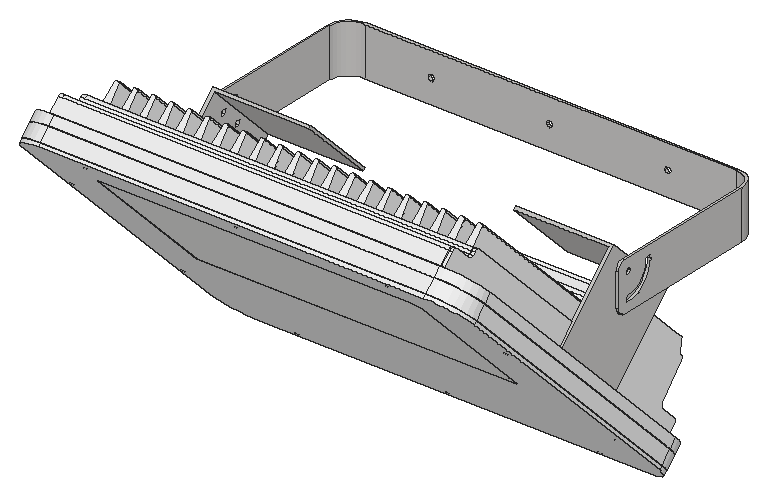
Revit family "FT ATEX LED MAX_2021", category Luminarias, Revit 2021 (continued)
Types (12, lengths in mm): name | Wattage | Power | Position | Archivo de red fotométrica | built-in parameter 1150142 | Modules | Lumens | built-in parameter 1150105 | built-in parameter 1150106 | Equiv MH
    .2782\t7664.4115\r\n7429.3855\t7160.0315\t6825.7248\t6467.2033\t6132.4693\t5825.6536\t5542.6253\t5272.7015\t5007.4782\t4722.3133\r\n4384.0183\t4002.2791\t3588.0636\t3202.9058\t2815.3266\t2410.3697\t2020.0841\t1591.767\t1139.52\t682.1452\r\n322.6266\t164.6606\t124.9199\t106.6876\t97.429\t88.7401\t80.7635\t75.9205\t69.7956\t65.2375\r\n61.6765\t58.1155\t53.9848\t50.1389\t47.1476\t45.7232\t0\t0\t0\t0\r\n0\t0\t0\t0\t0\t0\t0\t0\t0\t0\r\n0\t0\t0\t0\t0\t0\t0\t0\t0\t0\r\n0\t0\t0\t0\t0\t0\t0\t0\t0\t0\r\n0\t0\t0\t0\t0\t0\t0\t0\t0\t0\r\n0\r\n8249.6975\t8280.8918\t8301.1183\t8302.8276\t8271.7757\t8210.2416\t8130.1903\t8020.3691\t7876.932\t7683.0712\r\n7436.0802\t7160.0315\t6827.1492\t6460.3662\t6128.481\t5821.0955\t5536.3579\t5269.8527\t5002.6352\t4714.1942\r\n4380.7422\t3998.5757\t3590.3426\t3195.0716\t2809.7714\t2397.9774\t2008.8313\t1589.6304\t1149.7757\t697.5287\r\n328.894\t172.4948\t128.9082\t109.2515\t99.1382\t89.8796\t82.6152\t77.3449\t70.9351\t66.2346\r\n62.6736\t59.1126\t55.2667\t51.5633\t48.8569\t46.7203\t0\t0\t0\t0\r\n0\t0\t0\t0\t0\t0\t0\t0\t0\t0\r\n0\t0\t0\t0\t0\t0\t0\t0\t0\t0\r\n0\t0\t0\t0\t0\t0\t0\t0\t0\t0\r\n0\t0\t0\t0\t0\t0\t0\t0\t0\t0\r\n0\r\n8246.1365\t8278.7552\t8296.5602\t8298.8393\t8271.2059\t8215.5119\t8134.606\t8033.4736\t7896.019\t7701.161\r\n7452.8881\t7173.5633\t6847.0908\t6474.7526\t6141.7279\t5836.1941\t5549.1775\t5282.8147\t5012.0363\t4726.1592\r\n4382.1666\t4004.5582\t3600.5983\t3208.461\t2817.0359\t2408.8028\t2023.6451\t1610.2842\t1186.2403\t740.9729\r\n357.2395\t184.0325\t135.0331\t112.67\t101.8446\t91.5889\t86.746\t78.9118\t71.5049\t66.8044\r\n63.2434\t59.5399\t55.8365\t51.5633\t48.9994\t47.2901\t0\t0\t0\t0\r\n0\t0\t0\t0\t0\t0\t0\t0\t0\t0\r\n0\t0\t0\t0\t0\t0\t0\t0\t0\t0\r\n0\t0\t0\t0\t0\t0\t0\t0\t0\t0\r\n0\t0\t0\t0\t0\t0\t0\t0\t0\t0\r\n0\r\n8245.7092\t8280.8918\t8294.9934\t8295.7056\t8266.5054\t8215.227\t8136.7426\t8032.334\t7893.5975\t7694.039\r\n7445.3388\t7163.1652\t6840.3961\t6470.6219\t6138.0245\t5835.0546\t5552.3112\t5280.3932\t5005.7689\t4710.7757\r\n4370.3441\t3997.8635\t3596.7524\t3203.1907\t2811.6232\t2393.5618\t2018.0899\t1607.293\t1179.8305\t750.9437\r\n363.222\t187.451\t138.4517\t115.0915\t103.6963\t95.0075\t93.2982\t79.624\t72.6444\t68.3712\r\n64.3829\t60.3946\t56.8336\t52.7028\t49.854\t48.0023\t0\t0\t0\t0\r\n0\t0\t0\t0\t0\t0\t0\t0\t0\t0\r\n0\t0\t0\t0\t0\t0\t0\t0\t0\t0\r\n0\t0\t0\t0\t0\t0\t0\t0\t0\t0\r\n0\t0\t0\t0\t0\t0\t0\t0\t0\t0\r\n0\r\n8245.4243\t8281.8889\t8296.5602\t8295.5632\t8265.2234\t8217.6485\t8141.1582\t8038.1741\t7890.7487\t7694.039\r\n7447.7603\t7172.8511\t6848.8001\t6485.4356\t6152.2685\t5848.5864\t5565.5581\t5293.7826\t5015.17\t4723.168\r\n4376.1841\t4011.1104\t3610.5691\t3206.4668\t2825.4398\t2406.8087\t2031.052\t1625.2404\t1199.2024\t769.4609\r\n382.309\t192.1516\t140.4458\t116.5159\t104.9783\t96.0046\t94.7226\t79.3391\t71.6473\t67.5166\r\n63.3858\t59.5399\t55.2667\t51.5633\t48.572\t47.2901\t0\t0\t0\t0\r\n0\t0\t0\t0\t0\t0\t0\t0\t0\t0\r\n0\t0\t0\t0\t0\t0\t0\t0\t0\t0\r\n0\t0\t0\t0\t0\t0\t0\t0\t0\t0\r\n0\t0\t0\t0\t0\t0\t0\t0\t0\t0\r\n0\r\n8247.9882\t8283.8831\t8295.7056\t8290.2929\t8258.6712\t8209.8143\t8132.8967\t8026.494\t7876.0774\t7675.5218\r\n7427.2489\t7155.4734\t6830.4253\t6471.9038\t6142.8674\t5840.4673\t5558.8634\t5281.9601\t5003.205\t4703.0839\r\n4367.3528\t4009.8284\t3603.8744\t3199.9146\t2806.7802\t2394.8437\t2014.6714\t1613.2754\t1185.813\t758.0657\r\n375.0445\t182.4656\t137.3122\t115.5188\t103.5539\t95.0075\t90.7343\t76.3478\t69.6532\t65.8073\r\n61.6765\t57.9731\t53.9848\t50.5662\t47.4325\t45.7232\t0\t0\t0\t0\r\n0\t0\t0\t0\t0\t0\t0\t0\t0\t0\r\n0\t0\t0\t0\t0\t0\t0\t0\t0\t0\r\n0\t0\t0\t0\t0\t0\t0\t0\t0\t0\r\n0\t0\t0\t0\t0\t0\t0\t0\t0\t0\r\n0\r\n8247.8458\t8283.4558\t8297.9846\t8287.1592\t8258.3863\t8210.6689\t8131.4723\t8025.4969\t7869.81\t7671.8184\r\n7426.5367\t7153.4792\t6834.1288\t6481.1624\t6151.4138\t5847.0196\t5567.8372\t5285.5211\t5007.7631\t4712.9123\r\n4372.3382\t4013.6743\t3614.1301\t3208.6034\t2814.472\t2410.9394\t2025.4968\t1632.6473\t1205.1848\t776.0131\r\n384.8729\t174.2041\t131.8994\t113.0974\t101.1324\t91.0192\t82.4728\t71.7898\t65.6648\t62.1038\r\n58.5428\t55.1243\t51.5633\t47.8598\t45.011\t44.014\t0\t0\t0\t0\r\n0\t0\t0\t0\t0\t0\t0\t0\t0\t0\r\n0\t0\t0\t0\t0\t0\t0\t0\t0\t0\r\n0\t0\t0\t0\t0\t0\t0\t0\t0\t0\r\n0\t0\t0\t0\t0\t0\t0\t0\t0\t0\r\n0\r\n8246.5638\t8280.7494\t8294.2812\t8282.6011\t8250.837\t8201.2679\t8120.2195\t8011.1105\t7852.2899\t7647.6036\r\n7405.0283\t7130.5464\t6815.6116\t6465.0667\t6137.1698\t5836.9063\t5554.5902\t5273.4137\t4990.3854\t4695.9619\r\n4367.9226\t4009.8284\t3601.0256\t3192.7926\t2796.2396\t2397.835\t2009.686\t1618.8306\t1191.653\t771.8824\r\n373.6201\t162.6665\t124.9199\t109.5364\t98.1412\t85.8913\t74.2112\t67.659\t63.5282\t60.2521\r\n57.2609\t54.1272\t50.8511\t47.2901\t44.2988\t42.5896\t0\t0\t0\t0\r\n0\t0\t0\t0\t0\t0\t0\t0\t0\t0\r\n0\t0\t0\t0\t0\t0\t0\t0\t0\t0\r\n0\t0\t0\t0\t0\t0\t0\t0\t0\t0\r\n0\t0\t0\t0\t0\t0\t0\t0\t0\t0\r\n0\r\n8246.4214\t8280.8918\t8294.9934\t8284.8802\t8251.2643\t8201.2679\t8122.2137\t8012.3924\t7855.8509\t7647.6036\r\n7402.8917\t7129.4069\t6815.4691\t6467.3458\t6142.4401\t5840.7522\t5559.4332\t5280.1084\t4998.0772\t4708.6391\r\n4373.1929\t4017.3778\t3614.5574\t3201.4814\t2809.7714\t2411.2243\t2023.5026\t1635.3536\t1207.179\t792.9635\r\n391.2827\t160.8148\t122.2135\t107.8271\t96.8592\t83.6123\t71.0776\t65.8073\t62.1038\t58.9702\r\n56.1214\t52.8452\t49.4267\t45.8657\t43.5866\t42.3047\t0\t0\t0\t0\r\n0\t0\t0\t0\t0\t0\t0\t0\t0\t0\r\n0\t0\t0\t0\t0\t0\t0\t0\t0\t0\r\n0\t0\t0\t0\t0\t0\t0\t0\t0\t0\r\n0\t0\t0\t0\t0\t0\t0\t0\t0\t0\r\n0\r\n8246.7062\t8281.604\t8296.5602\t8281.8889\t8246.9911\t8189.7302\t8113.5248\t8001.567\t7844.7406\t7629.6562\r\n7381.2408\t7108.8955\t6785.1294\t6439.4275\t6118.3678\t5817.6769\t5542.198\t5262.5882\t4979.1326\t4689.4097\r\n4367.4953\t4007.5494\t3603.0198\t3191.938\t2801.7948\t2403.8174\t2004.2732\t1617.6911\t1189.0891\t781.141\r\n386.2973\t159.9601\t121.5013\t107.8271\t97.1441\t84.4669\t72.0746\t66.377\t62.5312\t59.3975\r\n56.4062\t53.2726\t49.854\t46.7203\t44.2988\t42.3047\t0\t0\t0\t0\r\n0\t0\t0\t0\t0\t0\t0\t0\t0\t0\r\n0\t0\t0\t0\t0\t0\t0\t0\t0\t0\r\n0\t0\t0\t0\t0\t0\t0\t0\t0\t0\r\n0\t0\t0\t0\t0\t0\t0\t0\t0\t0\r\n0\r\n8246.1365\t8281.8889\t8297.2724\t8282.3162\t8241.8633\t8181.896\t8108.2546\t7997.4362\t7836.3366\t7625.9527\r\n7372.6944\t7095.2213\t6772.8796\t6431.4509\t6110.676\t5817.2496\t5541.4858\t5266.0068\t4984.8302\t4693.9678\r\n4366.3558\t4010.3982\t3614.1301\t3204.1878\t2812.9051\t2407.5209\t2010.3982\t1625.2404\t1201.1965\t793.5332\r\n404.8145\t167.0821\t124.4926\t108.9666\t97.9987\t87.8855\t75.7781\t68.5136\t63.2434\t59.5399\r\n56.4062\t53.2726\t50.1389\t46.8628\t44.5837\t43.0169\t0\t0\t0\t0\r\n0\t0\t0\t0\t0\t0\t0\t0\t0\t0\r\n0\t0\t0\t0\t0\t0\t0\t0\t0\t0\r\n0\t0\t0\t0\t0\t0\t0\t0\t0\t0\r\n0\t0\t0\t0\t0\t0\t0\t0\t0\t0\r\n0\r\n8247.4184\t8283.1709\t8297.9846\t8280.3221\t8233.8866\t8172.6374\t8091.4466\t7978.0644\t7814.6857\t7601.0257\r\n7346.0581\t7063.8845\t6735.133\t6398.9746\t6084.8944\t5800.869\t5527.3842\t5255.4662\t4972.5804\t4676.7325\r\n4359.6611\t4002.1367\t3608.0052\t3207.0366\t2814.0446\t2398.9745\t1997.0088\t1604.8715\t1177.9788\t771.0277\r\n390.428\t168.9338\t125.917\t109.8212\t99.1382\t91.8738\t80.1937\t71.7898\t65.9497\t62.3887\r\n58.5428\t55.4092\t52.4179\t48.9994\t46.4354\t45.1535\t0\t0\t0\t0\r\n0\t0\t0\t0\t0\t0\t0\t0\t0\t0\r\n0\t0\t0\t0\t0\t0\t0\t0\t0\t0\r\n0\t0\t0\t0\t0\t0\t0\t0\t0\t0\r\n0\t0\t0\t0\t0\t0\t0\t0\t0\t0\r\n0\r\n8243.2877\t8277.9006\t8293.4266\t8276.1913\t8228.9012\t8161.9544\t8072.787\t7957.9804\t7796.0261\t7584.7876\r\n7333.6658\t7048.3585\t6716.1884\t6387.0096\t6080.4787\t5797.0231\t5526.672\t5258.5999\t4977.9931\t4687.7004\r\n4356.6698\t4003.4186\t3611.1389\t3212.7342\t2829.713\t2414.9278\t2012.1074\t1612.4208\t1182.9642\t762.3389\r\n387.7217\t172.6373\t127.7687\t110.391\t99.1382\t92.3011\t82.7576\t73.9264\t68.0863\t64.5253\r\n60.537\t57.1184\t53.8423\t50.1389\t47.4325\t47.1476\t0\t0\t0\t0\r\n0\t0\t0\t0\t0\t0\t0\t0\t0\t0\r\n0\t0\t0\t0\t0\t0\t0\t0\t0\t0\r\n0\t0\t0\t0\t0\t0\t0\t0\t0\t0\r\n0\t0\t0\t0\t0\t0\t0\t0\t0\t0\r\n0\r\n8246.7062\t8279.1826\t8291.8597\t8271.0635\t8220.07\t8146.4285\t8048.2873\t7926.9284\t7765.5439\t7554.3054\r\n7304.4656\t7015.0276\t6684.5668\t6363.7919\t6058.1156\t5780.2152\t5514.2797\t5245.4954\t4967.1677\t4678.5842\r\n4353.5362\t3997.4362\t3607.4354\t3215.4406\t2831.9921\t2413.3609\t2007.122\t1594.1885\t1152.0547\t720.8888\r\n360.943\t167.7943\t126.0594\t109.2515\t98.426\t92.7284\t84.4669\t75.2083\t69.7956\t66.5195\r\n62.5312\t59.1126\t55.694\t51.8482\t48.9994\t49.2842\t0\t0\t0\t0\r\n0\t0\t0\t0\t0\t0\t0\t0\t0\t0\r\n0\t0\t0\t0\t0\t0\t0\t0\t0\t0\r\n0\t0\t0\t0\t0\t0\t0\t0\t0\t0\r\n0\t0\t0\t0\t0\t0\t0\t0\t0\t0\r\n0\r\n8245.994\t8276.3338\t8288.0138\t8265.2234\t8211.9509\t8130.7601\t8027.9184\t7902.2863\t7742.4686\t7527.954\r\n7285.2362\t7000.3562\t6672.4594\t6351.3996\t6051.8483\t5777.224\t5509.7216\t5242.7891\t4974.0048\t4686.1336\r\n4359.3762\t4002.4216\t3620.1126\t3231.9636\t2854.2127\t2437.4333\t2026.209\t1609.1447\t1147.924\t703.3687\r\n353.1088\t169.5036\t126.6292\t108.6817\t97.429\t89.4523\t84.7518\t75.0659\t69.938\t66.377\r\n62.2463\t58.5428\t54.9818\t51.4208\t48.0023\t49.4267\t0\t0\t0\t0\r\n0\t0\t0\t0\t0\t0\t0\t0\t0\t0\r\n0\t0\t0\t0\t0\t0\t0\t0\t0\t0\r\n0\t0\t0\t0\t0\t0\t0\t0\t0\t0\r\n0\t0\t0\t0\t0\t0\t0\t0\t0\t0\r\n0\r\n8245.994\t8273.0576\t8281.7465\t8256.9619\t8198.1342\t8111.8156\t8000.8548\t7869.6676\t7695.7483\t7489.0679\r\n7245.7804\t6964.4614\t6643.544\t6324.0511\t6028.4881\t5755.2882\t5490.4922\t5225.269\t4954.9178\t4668.0437\r\n4357.5245\t4000.285\t3617.2638\t3235.2397\t2848.6576\t2436.4362\t2025.2119\t1590.3426\t1116.3023\t659.6396\r\n328.894\t168.3641\t125.4896\t106.9724\t96.4319\t87.8855\t83.8972\t75.2083\t70.2229\t66.5195\r\n62.3887\t58.8277\t55.1243\t51.5633\t48.572\t48.2872\t0\t0\t0\t0\r\n0\t0\t0\t0\t0\t0\t0\t0\t0\t0\r\n0\t0\t0\t0\t0\t0\t0\t0\t0\t0\r\n0\t0\t0\t0\t0\t0\t0\t0\t0\t0\r\n0\t0\t0\t0\t0\t0\t0\t0\t0\t0\r\n0\r\n8246.8487\t8274.9094\t8277.7582\t8251.9765\t8189.7302\t8097.714\t7980.7708\t7843.0313\t7666.2632\t7462.4316\r\n7226.551\t6947.2261\t6626.3088\t6317.6413\t6021.7934\t5749.4482\t5487.9283\t5223.4172\t4950.3598\t4673.7413\r\n4357.5245\t4004.4157\t3626.8073\t3246.9198\t2862.0469\t2458.2295\t2049.9965\t1608.7174\t1124.1365\t652.3752\r\n332.7398\t173.7768\t127.4838\t107.1149\t95.8621\t87.0308\t82.4728\t74.6386\t69.5107\t65.6648\r\n61.6765\t57.8306\t53.8423\t50.1389\t46.8628\t47.2901\t0\t0\t0\t0\r\n0\t0\t0\t0\t0\t0\t0\t0\t0\t0\r\n0\t0\t0\t0\t0\t0\t0\t0\t0\t0\r\n0\t0\t0\t0\t0\t0\t0\t0\t0\t0\r\n0\t0\t0\t0\t0\t0\t0\t0\t0\t0\r\n0\r\n8245.994\t8270.0664\t8269.3542\t8241.5784\t8174.774\t8075.9207\t7953.7072\t7810.555\t7631.223\t7426.3943\r\n7188.377\t6903.2122\t6585.9983\t6286.447\t5996.5816\t5724.6636\t5467.2745\t5200.0571\t4933.9792\t4658.2153\r\n4352.1118\t3994.3025\t3619.6853\t3242.5042\t2859.483\t2460.3661\t2043.5867\t1606.1534\t1110.0349\t631.0092\r\n321.2022\t173.0646\t127.0565\t106.1178\t96.0046\t86.746\t80.7635\t74.9234\t69.6532\t65.38\r\n61.5341\t57.9731\t53.8423\t49.9964\t47.1476\t46.1506\t0\t0\t0\t0\r\n0\t0\t0\t0\t0\t0\t0\t0\t0\t0\r\n0\t0\t0\t0\t0\t0\t0\t0\t0\t0\r\n0\t0\t0\t0\t0\t0\t0\t0\t0\t0\r\n0\t0\t0\t0\t0\t0\t0\t0\t0\t0\r\n0\r\n8247.7033\t8267.7874\t8264.6537\t8233.3169\t8164.3759\t8063.9557\t7940.6027\t7794.1744\t7613.9878\t7407.5922\r\n7167.2959\t6879.1398\t6563.2079\t6266.9327\t5989.1747\t5723.2392\t5463.1438\t5201.9088\t4936.2582\t4661.0641\r\n4345.702\t3995.1571\t3624.9556\t3249.911\t2879.567\t2479.4531\t2067.8015\t1626.8072\t1140.2322\t656.3635\r\n328.894\t177.4802\t128.6233\t106.9724\t95.5772\t86.6035\t79.1966\t74.781\t69.0834\t65.2375\r\n61.1068\t57.4033\t53.8423\t49.5691\t46.8628\t46.1506\t0\t0\t0\t0\r\n0\t0\t0\t0\t0\t0\t0\t0\t0\t0\r\n0\t0\t0\t0\t0\t0\t0\t0\t0\t0\r\n0\t0\t0\t0\t0\t0\t0\t0\t0\t0\r\n0\t0\t0\t0\t0\t0\t0\t0\t0\t0\r\n0\r\n8245.994\t8263.799\t8256.2497\t8221.3519\t8148.7075\t8044.1566\t7921.5157\t7774.945\t7589.4881\t7371.8398\r\n7128.5522\t6827.4341\t6517.912\t6231.1802\t5959.2623\t5701.3034\t5445.1963\t5185.9555\t4924.0084\t4643.9713\r\n4337.298\t3985.3288\t3617.1214\t3242.2193\t2870.5933\t2474.0404\t2057.1185\t1617.8335\t1134.677\t663.628\r\n329.6062\t174.2041\t127.4838\t106.83\t95.8621\t86.8884\t81.1908\t75.3508\t70.2229\t65.8073\r\n62.3887\t58.9702\t55.1243\t51.136\t48.0023\t46.7203\t0\t0\t0\t0\r\n0\t0\t0\t0\t0\t0\t0\t0\t0\t0\r\n0\t0\t0\t0\t0\t0\t0\t0\t0\t0\r\n0\t0\t0\t0\t0\t0\t0\t0\t0\t0\r\n0\t0\t0\t0\t0\t0\t0\t0\t0\t0\r\n0\r\n8247.7033\t8260.0956\t8248.9853\t8210.9538\t8135.603\t8031.9067\t7914.5362\t7768.2503\t7581.2266\t7358.8777\r\n7104.0526\t6797.3792\t6492.5576\t6212.0933\t5940.4602\t5691.9024\t5448.7573\t5190.7985\t4928.2816\t4649.384\r\n4329.3214\t3983.0497\t3617.6911\t3253.472\t2882.131\t2489.9936\t2074.2113\t1635.4961\t1170.9992\t703.9385\r\n350.8297\t178.3349\t128.6233\t107.8271\t95.5772\t86.8884\t82.1879\t74.6386\t69.7956\t65.5224\r\n61.9614\t58.9702\t55.4092\t51.8482\t48.9994\t47.575\t0\t0\t0\t0\r\n0\t0\t0\t0\t0\t0\t0\t0\t0\t0\r\n0\t0\t0\t0\t0\t0\t0\t0\t0\t0\r\n0\t0\t0\t0\t0\t0\t0\t0\t0\t0\r\n0\t0\t0\t0\t0\t0\t0\t0\t0\t0\r\n0\r\n8245.8516\t8254.5404\t8238.4447\t8197.2796\t8115.3766\t8011.9651\t7896.019\t7749.3058\t7556.2996\t7331.3868\r\n7059.6113\t6745.5311\t6446.4071\t6176.4833\t5921.0884\t5672.2457\t5428.8157\t5178.6911\t4913.4678\t4632.0064\r\n4324.7633\t3972.0818\t3604.4442\t3242.3617\t2875.5787\t2474.3252\t2056.8336\t1618.1184\t1172.7085\t711.7727\r\n354.3907\t177.4802\t127.4838\t107.8271\t96.4319\t88.5977\t84.182\t75.0659\t69.938\t65.6648\r\n62.1038\t59.3975\t56.4062\t53.5574\t50.7086\t47.7174\t0\t0\t0\t0\r\n0\t0\t0\t0\t0\t0\t0\t0\t0\t0\r\n0\t0\t0\t0\t0\t0\t0\t0\t0\t0\r\n0\t0\t0\t0\t0\t0\t0\t0\t0\t0\r\n0\t0\t0\t0\t0\t0\t0\t0\t0\t0\r\n0\r\n8245.1394\t8251.4068\t8231.8925\t8185.8844\t8100.7052\t7998.4333\t7884.4813\t7735.9164\t7544.477\t7311.0179\r\n7027.135\t6717.8977\t6425.1835\t6158.251\t5907.4141\t5667.5452\t5426.5367\t5179.1184\t4917.741\t4636.8493\r\n4317.4988\t3972.0818\t3607.0081\t3242.3617\t2873.5846\t2481.8746\t2071.6474\t1629.7985\t1188.5194\t749.092\r\n376.4689\t182.6081\t128.6233\t108.8242\t97.1441\t90.5918\t84.7518\t74.781\t69.3683\t65.2375\r\n60.6794\t57.6882\t54.8394\t51.9906\t49.9964\t46.293\t0\t0\t0\t0\r\n0\t0\t0\t0\t0\t0\t0\t0\t0\t0\r\n0\t0\t0\t0\t0\t0\t0\t0\t0\t0\r\n0\t0\t0\t0\t0\t0\t0\t0\t0\t0\r\n0\t0\t0\t0\t0\t0\t0\t0\t0\t0\r\n0\r\n8248.2731\t8248.2731\t8225.0554\t8170.5008\t8083.0427\t7980.4859\t7864.8246\t7714.408\t7515.2768\t7271.1347\r\n6981.2693\t6674.0262\t6391.5677\t6129.0508\t5883.9115\t5648.3158\t5406.1678\t5159.6041\t4902.0726\t4616.7653\r\n4309.3798\t3962.2535\t3597.0373\t3232.8182\t2860.9074\t2464.0696\t2054.8394\t1613.9876\t1172.4236\t745.3885\r\n371.1986\t179.332\t126.7716\t108.112\t97.429\t91.5889\t82.1879\t73.7839\t68.6561\t64.098\r\n59.5399\t56.1214\t52.9877\t50.7086\t49.2842\t45.5808\t0\t0\t0\t0\r\n0\t0\t0\t0\t0\t0\t0\t0\t0\t0\r\n0\t0\t0\t0\t0\t0\t0\t0\t0\t0\r\n0\t0\t0\t0\t0\t0\t0\t0\t0\t0\r\n0\t0\t0\t0\t0\t0\t0\t0\t0\t0\r\n0\r\n8246.8487\t8243.715\t8214.0875\t8159.6754\t8066.6621\t7963.1082\t7843.8859\t7690.3356\t7490.4923\t7244.2135\r\n6955.7725\t6650.666\t6372.0534\t6115.8038\t5875.7924\t5642.1908\t5402.8916\t5155.3309\t4899.6511\t4619.4716\r\n4301.2607\t3958.2652\t3599.4588\t3234.8124\t2867.887\t2469.9096\t2067.5166\t1624.3858\t1182.6793\t755.6442\r\n382.7363\t180.6139\t125.917\t106.9724\t97.0016\t90.1645\t79.4815\t70.5078\t65.5224\t61.1068\r\n57.2609\t53.8423\t50.8511\t48.0023\t46.5779\t44.014\t0\t0\t0\t0\r\n0\t0\t0\t0\t0\t0\t0\t0\t0\t0\r\n0\t0\t0\t0\t0\t0\t0\t0\t0\t0\r\n0\t0\t0\t0\t0\t0\t0\t0\t0\t0\r\n0\t0\t0\t0\t0\t0\t0\t0\t0\t0\r\n0\r\n8248.2731\t8240.5813\t8205.6835\t8143.0099\t8045.581\t7941.4573\t7814.5433\t7650.31\t7447.7603\t7203.3332\r\n6912.3283\t6611.7799\t6345.702\t6092.7286\t5857.9874\t5620.54\t5382.2378\t5139.6625\t4880.849\t4601.6666\r\n4290.1504\t3950.7158\t3589.3456\t3225.5538\t2856.7766\t2460.2237\t2046.293\t1600.7407\t1162.5953\t741.8275\r\n367.4952\t173.0646\t122.2135\t104.9783\t96.147\t87.6006\t76.3478\t67.9439\t63.8131\t60.3946\r\n56.976\t53.6999\t49.9964\t47.1476\t44.7262\t42.4471\t0\t0\t0\t0\r\n0\t0\t0\t0\t0\t0\t0\t0\t0\t0\r\n0\t0\t0\t0\t0\t0\t0\t0\t0\t0\r\n0\t0\t0\t0\t0\t0\t0\t0\t0\t0\r\n0\t0\t0\t0\t0\t0\t0\t0\t0\t0\r\n0\r\n8248.2731\t8232.8896\t8194.2883\t8123.923\t8021.9359\t7912.8269\t7774.5176\t7604.3018\t7395.6272\t7155.4734\r\n6859.4831\t6572.6089\t6313.0832\t6063.3859\t5826.3658\t5592.1944\t5353.3225\t5109.6077\t4852.9308\t4572.1816\r\n4262.0897\t3923.5098\t3565.7005\t3213.4464\t2834.4136\t2432.3054\t2015.8109\t1571.2556\t1129.2643\t714.3366\r\n348.5507\t158.5357\t111.3881\t96.147\t87.3157\t76.2054\t67.9439\t59.5399\t55.694\t52.5604\r\n48.7145\t46.293\t42.732\t39.7408\t37.3193\t35.3251\t0\t0\t0\t0\r\n0\t0\t0\t0\t0\t0\t0\t0\t0\t0\r\n0\t0\t0\t0\t0\t0\t0\t0\t0\t0\r\n0\t0\t0\t0\t0\t0\t0\t0\t0\t0\r\n0\t0\t0\t0\t0\t0\t0\t0\t0\t0\r\n0\r\n8248.2731\t8229.6134\t8185.457\t8111.5307\t8007.9768\t7892.458\t7747.8814\t7572.6802\t7365.5724\t7129.8342\r\n6836.4078\t6559.2196\t6299.5514\t6053.1302\t5818.5316\t5584.6451\t5349.3342\t5106.474\t4849.9396\t4574.3182\r\n4260.5228\t3922.3703\t3568.6918\t3222.1352\t2842.3902\t2437.7182\t2020.9387\t1580.5142\t1138.5229\t725.3045\r\n359.5186\t158.963\t111.3881\t95.4348\t86.6035\t77.7722\t71.7898\t58.8277\t54.697\t51.4208\r\n47.7174\t45.2959\t42.1622\t38.7437\t36.6071\t34.8978\t0\t0\t0\t0\r\n0\t0\t0\t0\t0\t0\t0\t0\t0\t0\r\n0\t0\t0\t0\t0\t0\t0\t0\t0\t0\r\n0\t0\t0\t0\t0\t0\t0\t0\t0\t0\r\n0\t0\t0\t0\t0\t0\t0\t0\t0\t0\r\n0\r\n8249.1277\t8224.4856\t8174.774\t8094.153\t7989.1747\t7864.8246\t7712.9836\t7534.2214\t7324.8346\t7091.233\r\n6797.5217\t6530.3042\t6274.1971\t6029.0579\t5796.4534\t5565.2732\t5331.1019\t5086.6748\t4832.9892\t4559.362\r\n4257.2467\t3913.3966\t3562.8517\t3211.5947\t2832.7043\t2427.32\t2001.5669\t1561.1424\t1122.7121\t701.2321\r\n342.1409\t155.2596\t109.5364\t94.7226\t86.3186\t77.4874\t76.9176\t61.3916\t55.8365\t52.4179\r\n48.572\t45.4384\t42.4471\t39.3134\t37.0344\t34.8978\t0\t0\t0\t0\r\n0\t0\t0\t0\t0\t0\t0\t0\t0\t0\r\n0\t0\t0\t0\t0\t0\t0\t0\t0\t0\r\n0\t0\t0\t0\t0\t0\t0\t0\t0\t0\r\n0\t0\t0\t0\t0\t0\t0\t0\t0\t0\r\n0\r\n8246.7062\t8218.9304\t8165.0881\t8083.8973\t7978.0644\t7848.3016\t7691.9024\t7510.0066\t7301.0471\t7063.5996\r\n6772.3098\t6511.3597\t6257.3892\t6016.0958\t5785.4855\t5556.442\t5323.1252\t5084.9656\t4835.838\t4565.0596\r\n4251.5491\t3912.8268\t3568.8342\t3215.1557\t2838.6868\t2433.7298\t2012.1074\t1571.683\t1130.5463\t693.6828\r\n339.2921\t156.3991\t109.8212\t95.0075\t85.7489\t77.2025\t79.1966\t63.5282\t57.6882\t53.9848\r\n49.5691\t45.5808\t42.3047\t39.8832\t37.7466\t35.3251\t0\t0\t0\t0\r\n0\t0\t0\t0\t0\t0\t0\t0\t0\t0\r\n0\t0\t0\t0\t0\t0\t0\t0\t0\t0\r\n0\t0\t0\t0\t0\t0\t0\t0\t0\t0\r\n0\t0\t0\t0\t0\t0\t0\t0\t0\t0\r\n0\r\n8247.8458\t8215.0846\t8156.969\t8073.0719\t7964.2477\t7829.4995\t7665.9784\t7476.9605\t7267.4312\t7021.5798\r\n6733.4237\t6475.4648\t6232.7471\t5991.7386\t5764.2619\t5539.2067\t5309.5934\t5072.146\t4820.8818\t4549.1063\r\n4244.712\t3907.2716\t3563.279\t3206.6093\t2828.2886\t2420.6254\t1996.1542\t1559.5756\t1092.3724\t652.3752\r\n314.3651\t152.1259\t
    108.6817\t94.1528\t85.3216\t77.06\t78.9118\t65.2375\t59.3975\t56.2638\r\n52.133\t48.4296\t45.2959\t42.3047\t40.1681\t36.3222\t0\t0\t0\t0\r\n0\t0\t0\t0\t0\t0\t0\t0\t0\t0\r\n0\t0\t0\t0\t0\t0\t0\t0\t0\t0\r\n0\t0\t0\t0\t0\t0\t0\t0\t0\t0\r\n0\t0\t0\t0\t0\t0\t0\t0\t0\t0\r\n0\r\n8248.2731\t8210.8114\t8149.9895\t8065.8074\t7957.553\t7820.3833\t7651.8768\t7459.013\t7248.6292\t6997.365\r\n6714.6216\t6457.6598\t6217.3636\t5982.1951\t5757.1399\t5535.076\t5303.0412\t5074.2826\t4824.1579\t4555.9434\r\n4250.1247\t3912.8268\t3566.4127\t3209.8854\t2837.1199\t2431.8781\t2011.5377\t1562.4244\t1069.8668\t627.7331\r\n308.9524\t154.405\t109.9637\t94.2953\t84.8942\t76.7752\t75.0659\t65.5224\t60.1097\t57.1184\r\n52.5604\t49.2842\t45.8657\t43.3018\t41.1652\t38.0315\t0\t0\t0\t0\r\n0\t0\t0\t0\t0\t0\t0\t0\t0\t0\r\n0\t0\t0\t0\t0\t0\t0\t0\t0\t0\r\n0\t0\t0\t0\t0\t0\t0\t0\t0\t0\r\n0\t0\t0\t0\t0\t0\t0\t0\t0\t0\r\n0\r\n8248.558\t8207.5352\t8142.8675\t8056.6913\t7949.434\t7807.2788\t7629.6562\t7430.8099\t7216.865\t6957.4818\r\n6682.9999\t6430.4538\t6191.5819\t5963.393\t5738.4803\t5517.9832\t5287.6577\t5060.3234\t4811.4808\t4545.6877\r\n4247.9881\t3909.1234\t3558.5785\t3198.9175\t2824.7276\t2421.48\t1997.0088\t1524.2504\t1017.5914\t577.4518\r\n291.0049\t152.9806\t110.1061\t94.0104\t84.8942\t77.3449\t72.9293\t67.2317\t61.9614\t58.9702\r\n53.5574\t49.854\t46.293\t43.5866\t42.1622\t38.8861\t0\t0\t0\t0\r\n0\t0\t0\t0\t0\t0\t0\t0\t0\t0\r\n0\t0\t0\t0\t0\t0\t0\t0\t0\t0\r\n0\t0\t0\t0\t0\t0\t0\t0\t0\t0\r\n0\t0\t0\t0\t0\t0\t0\t0\t0\t0\r\n0\r\n8247.4184\t8205.6835\t8140.1611\t8053.5576\t7946.87\t7804.7149\t7626.0952\t7421.2664\t7199.4874\t6940.389\r\n6669.1832\t6419.9132\t6184.3175\t5953.8496\t5734.9193\t5514.4222\t5287.5152\t5060.6083\t4819.8847\t4551.8126\r\n4237.7324\t3908.4112\t3563.5639\t3208.3186\t2834.4136\t2432.163\t2005.1279\t1519.8348\t1002.3503\t556.5131\r\n293.7113\t157.5386\t112.3852\t94.7226\t85.3216\t77.9147\t72.502\t68.6561\t63.2434\t58.5428\r\n53.6999\t48.9994\t44.7262\t42.0198\t41.1652\t38.0315\t0\t0\t0\t0\r\n0\t0\t0\t0\t0\t0\t0\t0\t0\t0\r\n0\t0\t0\t0\t0\t0\t0\t0\t0\t0\r\n0\t0\t0\t0\t0\t0\t0\t0\t0\t0\r\n0\t0\t0\t0\t0\t0\t0\t0\t0\t0\r\n0\r\n8245.4243\t8198.2766\t8132.1845\t8044.1566\t7937.469\t7792.8924\t7608.7175\t7397.6214\t7174.7028\t6914.0376\r\n6643.2592\t6396.838\t6161.0998\t5934.7626\t5716.8294\t5499.6084\t5275.4078\t5049.7829\t4805.7832\t4543.2662\r\n4242.433\t3906.1321\t3555.16\t3202.4785\t2823.5881\t2418.4888\t1985.1863\t1492.3439\t966.1705\t530.3041\r\n286.162\t156.1142\t112.3852\t95.0075\t86.4611\t78.9118\t72.9293\t70.0805\t65.0951\t59.255\r\n54.1272\t49.2842\t44.5837\t41.3076\t39.7408\t36.6071\t0\t0\t0\t0\r\n0\t0\t0\t0\t0\t0\t0\t0\t0\t0\r\n0\t0\t0\t0\t0\t0\t0\t0\t0\t0\r\n0\t0\t0\t0\t0\t0\t0\t0\t0\t0\r\n0\t0\t0\t0\t0\t0\t0\t0\t0\t0\r\n0\r\n8248.1306\t8199.1313\t8132.1845\t8043.4444\t7938.1812\t7793.1773\t7609.0024\t7395.0575\t7171.9964\t6909.4795\r\n6639.983\t6390.5706\t6158.1085\t5935.4748\t5716.4021\t5502.4572\t5278.5415\t5056.1927\t4814.1871\t4553.8068\r\n4238.1598\t3910.1204\t3562.282\t3210.3127\t2835.5531\t2429.0293\t2002.1366\t1511.0035\t985.6848\t543.551\r\n291.4322\t159.9601\t114.0944\t95.8621\t87.4582\t80.1937\t73.7839\t72.0746\t65.5224\t58.258\r\n53.5574\t48.2872\t43.3018\t39.8832\t38.7437\t36.0373\t0\t0\t0\t0\r\n0\t0\t0\t0\t0\t0\t0\t0\t0\t0\r\n0\t0\t0\t0\t0\t0\t0\t0\t0\t0\r\n0\t0\t0\t0\t0\t0\t0\t0\t0\t0\r\n0\t0\t0\t0\t0\t0\t0\t0\t0\t0\r\n0\r\n8244.7121\t8193.2912\t8126.6293\t8037.177\t7927.6406\t7780.9274\t7594.331\t7378.1071\t7148.3514\t6882.7008\r\n6623.0327\t6371.1988\t6144.5767\t5920.2337\t5702.1581\t5488.783\t5267.8585\t5048.216\t4803.789\t4537.1413\r\n4240.4388\t3900.7194\t3555.3024\t3199.06\t2822.591\t2416.7795\t1983.9043\t1505.021\t992.6644\t554.234\r\n286.3044\t156.5416\t113.0974\t96.8592\t88.8826\t81.6181\t76.063\t73.9264\t66.377\t59.9672\r\n53.9848\t49.4267\t45.011\t41.1652\t39.3134\t37.889\t0\t0\t0\t0\r\n0\t0\t0\t0\t0\t0\t0\t0\t0\t0\r\n0\t0\t0\t0\t0\t0\t0\t0\t0\t0\r\n0\t0\t0\t0\t0\t0\t0\t0\t0\t0\r\n0\t0\t0\t0\t0\t0\t0\t0\t0\t0\r\n0\r\n8249.6975\t8195.9976\t8127.3415\t8040.738\t7931.0592\t7782.7792\t7596.895\t7378.8193\t7147.6392\t6879.5671\r\n6623.3176\t6379.033\t6144.1494\t5922.0854\t5708.283\t5494.9079\t5279.8235\t5052.7741\t4810.7686\t4542.554\r\n4240.8661\t3902.856\t3563.9912\t3204.3302\t2824.3003\t2429.1718\t1998.8605\t1534.3637\t1044.0852\t596.2538\r\n300.2635\t160.9572\t115.234\t98.9958\t90.5918\t83.185\t81.4757\t75.2083\t66.377\t60.537\r\n54.8394\t49.9964\t45.5808\t42.0198\t40.3105\t38.8861\t0\t0\t0\t0\r\n0\t0\t0\t0\t0\t0\t0\t0\t0\t0\r\n0\t0\t0\t0\t0\t0\t0\t0\t0\t0\r\n0\t0\t0\t0\t0\t0\t0\t0\t0\t0\r\n0\t0\t0\t0\t0\t0\t0\t0\t0\t0\r\n0\r\n8246.1365\t8190.1576\t8121.2166\t8035.7526\t7923.9372\t7770.3869\t7581.6539\t7364.2904\t7131.1162\t6860.4802\r\n6605.655\t6363.2221\t6134.8908\t5910.8327\t5700.5912\t5487.7859\t5269.8527\t5046.9341\t4799.2309\t4530.1618\r\n4235.311\t3900.577\t3554.3053\t3197.4931\t2809.7714\t2413.5034\t1984.4741\t1532.7968\t1056.1926\t613.9164\r\n303.2548\t160.245\t115.6613\t101.4173\t93.1558\t85.8913\t89.4523\t75.2083\t67.3741\t62.1038\r\n56.2638\t51.9906\t47.7174\t44.2988\t42.4471\t41.5925\t0\t0\t0\t0\r\n0\t0\t0\t0\t0\t0\t0\t0\t0\t0\r\n0\t0\t0\t0\t0\t0\t0\t0\t0\t0\r\n0\t0\t0\t0\t0\t0\t0\t0\t0\t0\r\n0\t0\t0\t0\t0\t0\t0\t0\t0\t0\r\n0\r\n8245.7092\t8190.0151\t8122.2137\t8035.0404\t7924.3645\t7770.2444\t7577.9504\t7363.8631\t7133.5376\t6864.0412\r\n6610.7828\t6367.2104\t6135.4606\t5921.943\t5708.283\t5495.905\t5279.3962\t5055.4805\t4806.4954\t4542.2692\r\n4239.2993\t3902.9984\t3563.4215\t3201.9088\t2818.3178\t2414.9278\t1994.0176\t1544.192\t1090.5206\t650.0962\r\n319.208\t165.5153\t118.5101\t103.8388\t95.4348\t89.8796\t96.147\t75.4932\t66.9468\t62.1038\r\n56.8336\t52.8452\t48.572\t45.011\t43.5866\t42.4471\t0\t0\t0\t0\r\n0\t0\t0\t0\t0\t0\t0\t0\t0\t0\r\n0\t0\t0\t0\t0\t0\t0\t0\t0\t0\r\n0\t0\t0\t0\t0\t0\t0\t0\t0\t0\r\n0\t0\t0\t0\t0\t0\t0\t0\t0\t0\r\n0\r\n8245.4243\t8189.018\t8120.362\t8032.6189\t7918.2396\t7759.2766\t7563.1367\t7350.7586\t7123.8517\t6856.9192\r\n6601.5242\t6357.5245\t6128.6234\t5914.821\t5704.5796\t5492.6288\t5275.5503\t5050.9224\t4802.9344\t4532.0135\r\n4235.8807\t3900.7194\t3557.439\t3192.3653\t2798.6611\t2393.7042\t1972.9364\t1527.8114\t1071.0064\t639.9829\r\n314.9348\t161.527\t116.9432\t104.6934\t96.147\t91.7314\t94.4377\t73.9264\t65.8073\t61.3916\r\n56.2638\t52.4179\t48.0023\t44.5837\t43.4442\t42.1622\t0\t0\t0\t0\r\n0\t0\t0\t0\t0\t0\t0\t0\t0\t0\r\n0\t0\t0\t0\t0\t0\t0\t0\t0\t0\r\n0\t0\t0\t0\t0\t0\t0\t0\t0\t0\r\n0\t0\t0\t0\t0\t0\t0\t0\t0\t0\r\n0\r\n8247.9882\t8190.8698\t8123.923\t8037.3194\t7919.8064\t7758.5644\t7563.9913\t7352.8952\t7128.9796\t6866.89\r\n6611.6375\t6368.0651\t6139.7338\t5926.2162\t5712.9835\t5499.6084\t5282.5298\t5058.3293\t4808.3471\t4542.2692\r\n4236.0232\t3903.4258\t3562.4244\t3198.6326\t2810.3412\t2400.9686\t1982.195\t1538.7793\t1087.1021\t653.5147\r\n317.9261\t157.5386\t114.3793\t103.5539\t94.2953\t89.7372\t86.0338\t70.0805\t61.9614\t56.976\r\n52.133\t48.572\t44.5837\t41.8774\t41.3076\t39.0286\t0\t0\t0\t0\r\n0\t0\t0\t0\t0\t0\t0\t0\t0\t0\r\n0\t0\t0\t0\t0\t0\t0\t0\t0\t0\r\n0\t0\t0\t0\t0\t0\t0\t0\t0\t0\r\n0\t0\t0\t0\t0\t0\t0\t0\t0\t0\r\n0\r\n8247.8458\t8190.4424\t8123.0683\t8035.4677\t7913.6815\t7750.5877\t7555.4449\t7348.0523\t7125.1337\t6861.1924\r\n6608.5038\t6366.4982\t6136.0303\t5924.6494\t5709.565\t5495.4776\t5278.2566\t5048.7858\t4800.3704\t4530.874\r\n4233.1744\t3897.3008\t3549.1775\t3187.095\t2798.5187\t2383.591\t1965.3871\t1519.4075\t1071.861\t641.4073\r\n301.1182\t144.719\t108.6817\t99.5656\t90.5918\t84.4669\t74.2112\t63.6707\t56.8336\t52.5604\r\n48.8569\t46.1506\t43.3018\t40.453\t39.0286\t36.7495\t0\t0\t0\t0\r\n0\t0\t0\t0\t0\t0\t0\t0\t0\t0\r\n0\t0\t0\t0\t0\t0\t0\t0\t0\t0\r\n0\t0\t0\t0\t0\t0\t0\t0\t0\t0\r\n0\t0\t0\t0\t0\t0\t0\t0\t0\t0\r\n0\r\n8246.5638\t8188.8756\t8123.2108\t8039.8834\t7915.8181\t7754.4336\t7561.8547\t7356.4562\t7137.8108\t6876.5759\r\n6621.181\t6377.6086\t6146.8558\t5931.9138\t5720.248\t5505.0211\t5285.0938\t5058.899\t4809.629\t4540.275\r\n4237.3051\t3900.577\t3551.7414\t3190.2287\t2803.9314\t2390.2856\t1973.5062\t1531.7998\t1090.6631\t658.5001\r\n305.3914\t139.1639\t103.9812\t96.2894\t86.746\t76.2054\t65.0951\t57.6882\t52.8452\t49.7116\r\n46.7203\t44.7262\t41.1652\t38.7437\t37.7466\t35.61\t0\t0\t0\t0\r\n0\t0\t0\t0\t0\t0\t0\t0\t0\t0\r\n0\t0\t0\t0\t0\t0\t0\t0\t0\t0\r\n0\t0\t0\t0\t0\t0\t0\t0\t0\t0\r\n0\t0\t0\t0\t0\t0\t0\t0\t0\t0\r\n0" | "4" | 13400 lm | 1066.3 (stored number, unit not read) | 10.663 (stored number, unit not read) | 150 W
